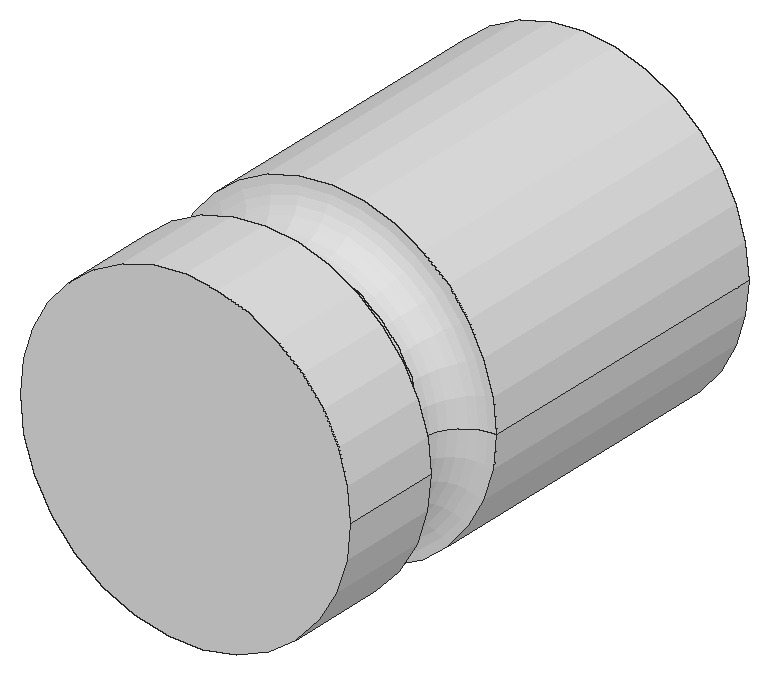
Revit family "PROOX Clothes hook round EN", category Furniture, Revit 2014
Parameters (values of type "ONE pure")
  URL = "http://www.proox.com/"
  Type Comments = "ONE pure"
  Product webpage [instance] = "http://www.proox.com/EN/clothes-hook-round-stainless-steel/"
  Product data sheet = "http://www.proox.com/fileadmin/dam/Download/Produktdatenbl%C3%A4tter/english/Productspecification_PU-565.pdf"
  Model = "PU-565"
  Material = PROOX Stainless steel, satin finish
  Manufacturer = "PROOX Ltd."  # constant formula
  Keynote = ""
  EAN-No. = "9120050350557"
  Description = "clothes hook round PROOX ONE pure made from stainless steel"
  Cost = 20
  BIM objects producer = "www.BIMtelligent.eu"  # constant formula
  Specifications = "Clothes hook round made from stainless steel. For wall mounting. Surface with fine brushed structure. Dimensions: Ø 20 x 30mm. With indentation. The screw has a male threaded portion that mates with a threaded hole in the rear of the hook for a concealed mounting system. Can be glued with Loctite for secure fixing, if required."
Types (3, lengths in mm): name | Type Comments | Product webpage | Product data sheet | Model | Material | EAN-No. | Description | Cost | Specifications
  (no name) | "ONE pure" | "http://www.proox.com/EN/clothes-hook-round-stainless-steel/" | "http://www.proox.com/fileadmin/dam/Download/Produktdatenbl%C3%A4tter/english/Productspecification_PU-565.pdf" | "PU-565" | PROOX Stainless steel, satin finish | "9120050350557" | "clothes hook round PROOX ONE pure made from stainless steel" | 20 | "Clothes hook round made from stainless steel. For wall mounting. Surface with fine brushed structure. Dimensions: Ø 20 x 30mm. With indentation. The screw has a male threaded portion that mates with a threaded hole in the rear of the hook for a concealed mounting system. Can be glued with Loctite for secure fixing, if required."
  ONE pure | "ONE pure" | "http://www.proox.com/EN/clothes-hook-round-stainless-steel/" | "http://www.proox.com/fileadmin/dam/Download/Produktdatenbl%C3%A4tter/english/Productspecification_PU-565.pdf" | "PU-565" | PROOX Stainless steel, satin finish | "9120050350557" | "clothes hook round PROOX ONE pure made from stainless steel" | 20 | "Clothes hook round made from stainless steel. For wall mounting. Surface with fine brushed structure. Dimensions: Ø 20 x 30mm. With indentation. The screw has a male threaded portion that mates with a threaded hole in the rear of the hook for a concealed mounting system. Can be glued with Loctite for secure fixing, if required."
  ONE dark passion | "ONE dark passion" | "http://www.proox.com/EN/clothes-hook-round/" | "http://www.proox.com/fileadmin/dam/Download/Produktdatenbl%C3%A4tter/english/Productspecification_DP-565.pdf" | "DP-565" | PROOX Aluminum, black anodised | "9120050350717" | "clothes hook round PROOX ONE dark passion made from aluminum black anodized" | 22 | "Clothes hook round made out from glass pearl blasted and black anodised aluminum. Intended for wall mounting. With indentation. The screw has a male threaded portion that mates with a threaded hole in the rear of the hook for a concealed mounting system. Can be glued with Loctite for secure fixing, if required."
Reference planes
  plane 1 "Center (Front/Back)": y = 0
  plane 2: z = 0
  plane 3 "Center (Left/Right)": x = 0
Forms (mm)
  Extrusion 1, solid, material "PROOX Stainless steel, satin finish" <- "Material", detail levels coarse
    sketch origin (0, 0, 0) x (1, 0, 0) y (0, 0, 1)
      loop
        circle (0, 0) r 10
    from 0 to 30
  Extrusion 2, solid, material "PROOX Stainless steel, satin finish" <- "Material", detail levels medium+fine
    sketch origin (0, 0, 0) x (1, 0, 0) y (0, 0, 1)
      loop
        circle (0, 0) r 10
    from 0 to 30
  Sweep 3, void
    path origin (0, -21.5, 0) x (1, 0, 0) y (0, 0, 1)
      loop
        circle (0, 0) r 10
    profile origin (0, -21.5, 10) x (0, 0, -1) y (0, -1, 0)
      loop
        circle (0, 0) r 2.5
Cuts and joins
  Sweep 3 cuts Extrusion 2
Lines and regions (mm)
  reference lines
    curve 1: circle (0, 0, 0) r 10 normal (0, -1, 0)
    curve 2: line (0, 0, 0) -> (0, -21.5, 0)
Dimensions and locks
  aligned and locked: level to plane 2
  aligned and locked: Extrusion 1 sketch curve to curve 1
  aligned and locked: Extrusion 2 sketch curve to curve 1
  aligned and locked: Sweep 3 sketch curve to curve 1
  aligned and locked: plane 1 "Center (Front/Back)" to curve 2
  aligned and locked: curve 2 to plane 2
